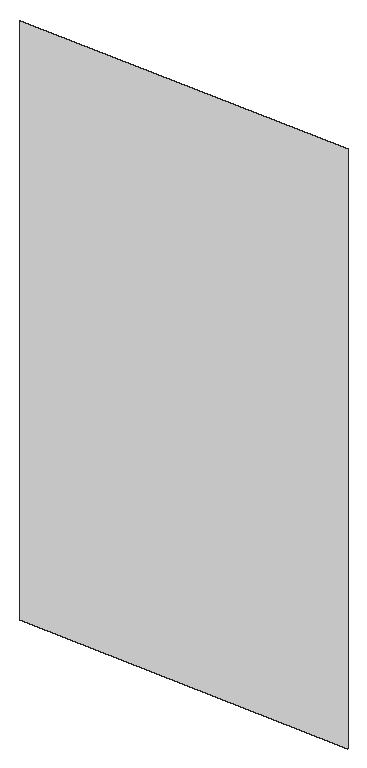
Revit family "M_Tomada-Simples", category Iluminação elétrica, Revit 2019
Family settings
  Hospedeiro = Parede
  Manter orientação da anotação = Não
  Cota do conector redondo = Utilizar diâmetro
  Tipo de parte = Normal
  Número OmniClass = 23.80.50.11.11
  Título OmniClass = Receptacle Terminal Units
  ID de item do Seek = Outlet-Single-0000-CAN-ENU
  Sempre na vertical = Sim
  Corte com vazios quando carregada = Não
  Compartilhado = Não
  Ponto de cálculo do ambiente = Não
Parameters (values of type "Único")
  Largura = 70 mm
  Altura de montagem = 305 mm
  Altura = 115 mm
  Material = Plástico, Branco Opaco
Reference planes
  plane 1: y = 0
  plane 2 "Centro (Esquerda/Direita)": x = 125
  plane 3 "Parte posterior": y = 75
  plane 4: z = 305
  plane 5: x = 90
  plane 6: x = 160
  plane 7: z = 362.5
  plane 8: z = 247.5
  plane 9: y = 80
Forms (mm)
  Blend 1, solid, material "Plástico, Branco Opaco" <- "Material"
    base sketch origin (0, 75, 0) x (1, 0, 0) y (0, 0, 1)
      loop
        line (160, 362.5) -> (90, 362.5) -> (90, 247.5) -> (160, 247.5) -> (160, 362.5)
    top sketch origin (0, 75, 0) x (1, 0, 0) y (0, 0, 1)
      loop
        line (155, 357.5) -> (95, 357.5) -> (95, 252.5) -> (155, 252.5) -> (155, 357.5)
    from 0 to -5
Text (mm)
  text "Lado da colocação" at (0, 1270.507, 3001.832), in view "Esquerda"
  text "Lado da colocação" at (0, 530.812, 2999.686), in view "Direita"
Dimensions and locks
  locked: plane 3 "Parte posterior" to host wall
  "Altura": plane 8 to plane 7
  "Largura": plane 5 to plane 6
  equal spacing: plane 8, plane 4, plane 7
  equal spacing: plane 5, plane 2 "Centro (Esquerda/Direita)", plane 6
  "Altura de montagem": level to plane 4
  locked: plane 3 "Parte posterior" to plane 9 at 5
  aligned and locked: plane 1 to host wall
  aligned and locked: plane 6 to Blend 1 sketch curve
  aligned and locked: Blend 1 sketch curve to plane 7
  aligned and locked: plane 8 to Blend 1 sketch curve
  aligned and locked: plane 5 to Blend 1 sketch curve
  aligned and locked: plane 3 "Parte posterior" to nested 1
  aligned and locked: Blend 1 to plane 9
  aligned and locked: plane 3 "Parte posterior" to Blend 1
Automatic sketch dimensions
  Blend 1 sketch curve to plane 5 = 5 mm
  plane 6 to Blend 1 sketch curve = 5 mm
  Blend 1 sketch curve to plane 8 = 5 mm
  plane 7 to Blend 1 sketch curve = 5 mm
Nested families
  nested 1: "Anotação de tomada simples" at (125, 75, 0), type "Anotação de tomada simples"
Definition of nested family "Anotação de tomada simples"
  Reference planes
    plane 1: y = 0
    plane 2: x = 0
  Lines and regions (mm)
    detail lines
      curve 1: arc (-1.218, 2.706, 0) -> (1.219, 4.039, 0) -> (-1.218, 2.706, 0) r 1.389
      curve 2: line (0, 0.398, 0) -> (0, 4.762, 0)
